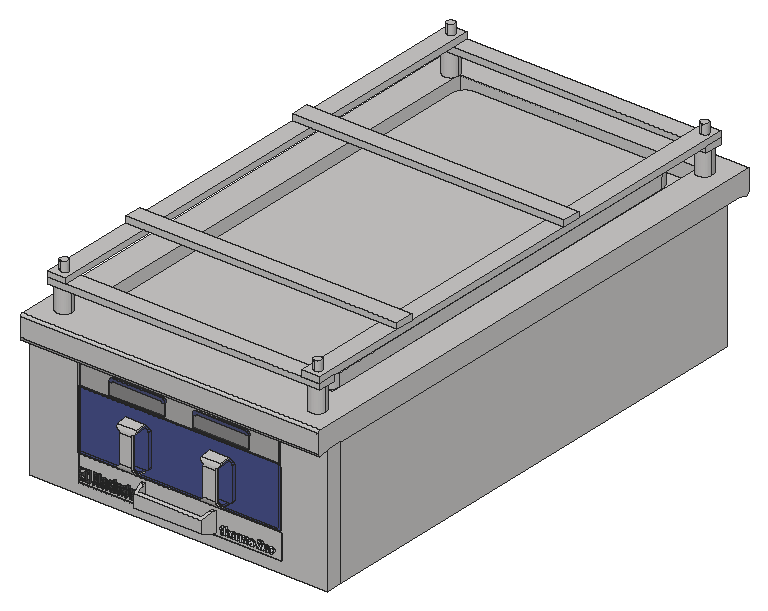
Revit family "QF_ELECTROLUXPROFESSIONAL_589890_MCTAAAEODM", category Specialty Equipment, Revit 2014 (continued)
Definition of nested family "QF_ELECTROLUXPROFESSIONAL_MARINE500x900_1"
  Lines and regions (mm)
    symbolic lines
      curve 11: line (22.5, -357.5, 940) -> (477.5, -357.5, 940)
      curve 12: line (477.5, -327.5, 940) -> (22.5, -327.5, 940)
      curve 13: line (52.5, -30, 940) -> (52.5, -327.5, 940)
      curve 14: line (52.5, -357.5, 940) -> (52.5, -677.5, 940)
      curve 15: line (52.5, -707.5, 940) -> (52.5, -870, 940)
      curve 16: line (52.5, -840, 940) -> (447.5, -840, 940)
      curve 17: line (447.5, -30, 940) -> (447.5, -327.5, 940)
      curve 18: line (447.5, -357.5, 940) -> (447.5, -677.5, 940)
      curve 19: line (447.5, -707.5, 940) -> (447.5, -870, 940)
      curve 20: line (52.5, -60, 940) -> (447.5, -60, 940)
      curve 21: circle (37.5, -45, 940) r 6.5 normal (0, 0, -1)
      curve 22: circle (462.5, -45, 940) r 6.5 normal (0, 0, -1)
      curve 23: circle (37.5, -855, 940) r 6.5 normal (0, 0, 1)
      curve 24: circle (462.5, -855, 940) r 6.5 normal (0, 0, 1)
  Dimensions and locks
    plane 3 "LEFT" to plane 4 "RIGHT" = 500 mm
    locked: plane 5 "FRONT" to plane 1 "BACK" at 900
    equal spacing: plane 3 "LEFT", plane 7 "Center (Left/Right)", plane 4 "RIGHT"
    equal spacing: plane 5 "FRONT", plane 8, plane 1 "BACK"
    plane 6 "TOP" to level = 900 mm  (x2)
    plane 1 "BACK" to plane 9 = 150 mm
    locked: plane 14 "EIx" to plane 4 "RIGHT" at 45
    locked: plane 15 "EIy" to plane 1 "BACK" at 685
    plane 16 to plane 6 "TOP" = 38 mm
    plane 12 to plane 1 "BACK" = 80 mm
    plane 5 "FRONT" to plane 13 = 80 mm
    plane 3 "LEFT" to plane 10 = 80 mm
    plane 11 to plane 4 "RIGHT" = 80 mm
    locked: plane 6 "TOP" to plane 17 "BaseTop" at 250
    locked: plane 18 to plane 5 "FRONT" at 45
    plane 19 to plane 6 "TOP" = 75 mm
    aligned and locked: level to plane 2
  Automatic sketch dimensions
    plane 1 "BACK" to curve 1 = 0 mm
    curve 1 to plane 4 "RIGHT" = 0 mm
    curve 3 to plane 3 "LEFT" = 0 mm
    plane 5 "FRONT" to curve 3 = 0 mm
    Extrusion 1 sketch curve to plane 18 = 0 mm  (x2)
    Extrusion 1 sketch curve to plane 18 = 15 mm
    plane 18 to Extrusion 1 sketch curve = 15 mm
    Extrusion 1 sketch curve to plane 12 = 20 mm
    Extrusion 1 sketch curve to Extrusion 1 sketch curve = 15 mm  (x7)
    Extrusion 1 sketch curve to plane 14 "EIx" = 7.5 mm  (x2)
    plane 3 "LEFT" to Extrusion 1 sketch curve = 37.5 mm  (x2)
    Extrusion 2 sketch curve to plane 18 = 0 mm  (x2)
    plane 14 "EIx" to Extrusion 2 sketch curve = 7.5 mm
    Extrusion 2 sketch curve to plane 18 = 15 mm  (x2)
    Extrusion 2 sketch curve to plane 12 = 35 mm  (x2)
    Extrusion 2 sketch curve to plane 14 "EIx" = 7.5 mm  (x2)
    Extrusion 2 sketch curve to Extrusion 2 sketch curve = 15 mm  (x6)
    plane 10 to Extrusion 2 sketch curve = 27.5 mm
    Extrusion 4 sketch curve to plane 18 = 0 mm  (x2)
    Extrusion 4 sketch curve to plane 14 "EIx" = 7.5 mm  (x2)
    plane 3 "LEFT" to Extrusion 4 sketch curve = 37.5 mm  (x2)
    Extrusion 4 sketch curve to plane 12 = 35 mm  (x2)
    Extrusion 5 sketch curve to plane 18 = 0 mm  (x2)
    Extrusion 5 sketch curve to plane 14 "EIx" = 7.5 mm  (x2)
    Extrusion 5 sketch curve to plane 12 = 35 mm  (x2)
    plane 3 "LEFT" to Extrusion 5 sketch curve = 37.5 mm  (x2)
    Extrusion 3 sketch curve to plane 15 "EIy" = 22.5 mm
    plane 15 "EIy" to Extrusion 3 sketch curve = 7.5 mm
    plane 3 "LEFT" to Extrusion 3 sketch curve = 22.5 mm  (x2)
    plane 8 to Extrusion 3 sketch curve = 92.5 mm
    Extrusion 3 sketch curve to Extrusion 3 sketch curve = 30 mm
    plane 4 "RIGHT" to Extrusion 3 sketch curve = 22.5 mm  (x2)
    plane 14 "EIx" to curve 19 = 7.5 mm
    curve 19 to plane 18 = 15 mm
    curve 15 to plane 18 = 15 mm
    plane 18 to curve 16 = 15 mm
    curve 19 to plane 15 "EIy" = 22.5 mm
    plane 15 "EIy" to curve 18 = 7.5 mm
    plane 14 "EIx" to curve 18 = 7.5 mm
    plane 8 to curve 18 = 92.5 mm
    plane 14 "EIx" to curve 17 = 7.5 mm
    curve 18 to curve 17 = 30 mm
    curve 20 to plane 12 = 20 mm
    plane 1 "BACK" to curve 17 = 30 mm
    plane 1 "BACK" to curve 13 = 30 mm
    plane 4 "RIGHT" to curve 12 = 22.5 mm
    plane 4 "RIGHT" to curve 11 = 22.5 mm
    plane 4 "RIGHT" to curve 10 = 22.5 mm
    plane 4 "RIGHT" to curve 9 = 22.5 mm
    plane 10 to curve 15 = 27.5 mm
    plane 10 to curve 14 = 27.5 mm
    plane 10 to curve 13 = 27.5 mm
    plane 3 "LEFT" to curve 11 = 22.5 mm
    plane 3 "LEFT" to curve 10 = 22.5 mm
    plane 3 "LEFT" to curve 9 = 22.5 mm
    plane 3 "LEFT" to curve 12 = 22.5 mm
    radius of Extrusion 1 sketch curve = 6.5 mm  (x4)
    radius of Extrusion 2 sketch curve = 6.5 mm  (x4)
    radius of Extrusion 4 sketch curve = 13 mm  (x4)
    radius of Extrusion 5 sketch curve = 6.5 mm  (x4)
